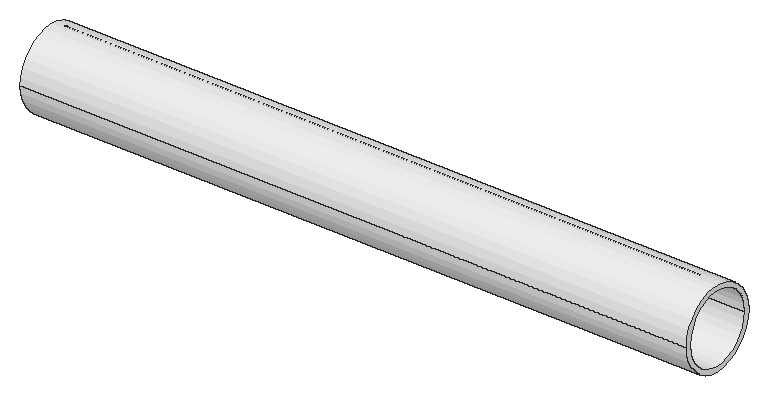
Revit family
Parameters (values of type "HSS141X8")
  t = 8 mm
  W = 0.25595
  Start Extension Calculation [instance] = 3012.5 mm + Start Extension  # 3000 mm
  Start Extension [instance] = -12.5 mm
  Length [instance] = 1500 mm
  OD = 141.3 mm
  End Extension Calculation [instance] = 3012.5 mm + End Extension  # 3000 mm
  End Extension [instance] = -12.5 mm
  Beam Material [instance] = Metal - Steel - 345 MPa
  Assembly Code = ""
  A = 0.003 m²
Reference planes
  plane 1 "Center (Front/Back)": y = 0
  plane 2: z = 0
  plane 3 "Center (Left/Right)": x = 4.61
  plane 4 "Member Left": x = -604.99
  plane 5 "Member Right": x = 614.21
  plane 6: y = 70.65
  plane 7: y = -70.65
  plane 8 "Top": z = 70.65
  plane 9: z = -70.65
  plane 10 "Left": x = -757.39
  plane 11 "Right": x = 742.61
  plane 12: x = -604.99
  plane 13: x = 614.21
  plane 14: x = 2395.01
  plane 15: x = -2385.79
Forms (mm)
  Extrusion 1, solid, material "Metal - Steel - 345 MPa" <- "Beam Material", detail levels medium+fine
    sketch origin (4.61, 0, 0) x (0, 1, 0) y (0, 0, 1)
      loop
        circle (0, 0) r 70.65
      loop
        circle (0, 0) r 62.65
    from -609.6 to 609.6
Lines and regions (mm)
  symbolic lines, style "Stick Symbols", detail levels coarse
    curve 1: arc (0, 70.65, 0) -> (0, 0, -70.65) -> (0, -70.65, 0) r 70.65
    curve 2: arc (0, -70.65, 0) -> (0, 0, 70.65) -> (0, 70.65, 0) r 70.65
Dimensions and locks
  "OD": plane 6 to plane 7
  "OD": plane 9 to plane 8 "Top"
  equal spacing: plane 9, plane 2, plane 8 "Top"
  equal spacing: plane 6, plane 1 "Center (Front/Back)", plane 7
  "Length": plane 10 "Left" to plane 11 "Right"
  "t": plane 6 to Extrusion 1 sketch curve
  "t": Extrusion 1 sketch curve to plane 7
  "Start Extension Calculation": plane 12 to plane 14
  "End Extension Calculation": plane 15 to plane 13
  locked: plane 4 "Member Left" to plane 14 at 3000
  locked: plane 15 to plane 5 "Member Right" at 3000
  aligned and locked: plane 12 to Extrusion 1
  aligned and locked: Extrusion 1 to plane 13
Automatic sketch dimensions
  curve 1 to level = 0 mm
  curve 1 to plane 7 = 0 mm
  curve 1 to plane 1 "Center (Front/Back)" = 0 mm
  Extrusion 1 sketch curve to Extrusion 1 sketch curve = 0 mm  (x2)
  Extrusion 1 sketch curve to level = 0 mm
  Extrusion 1 sketch curve to plane 7 = 0 mm
